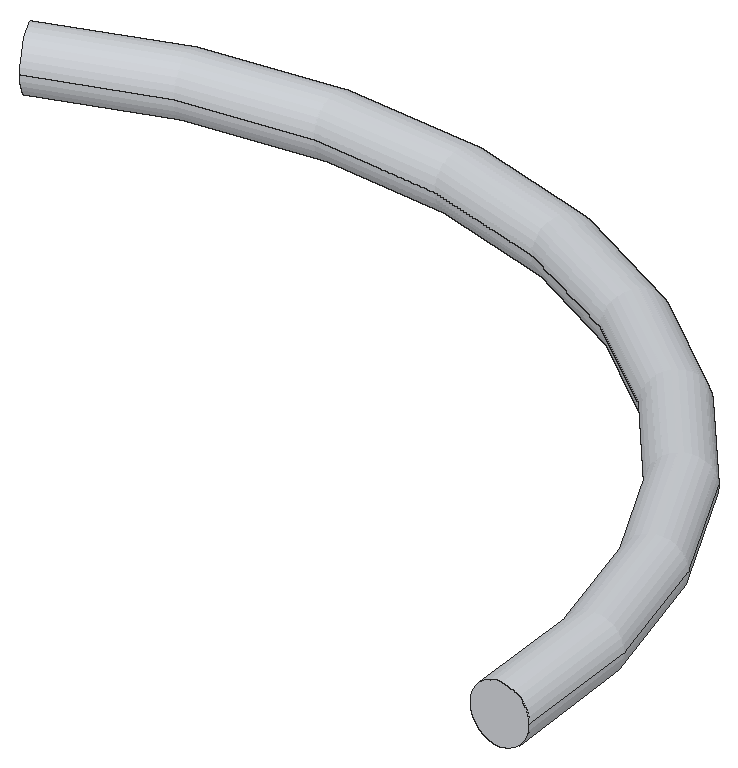
Revit family "DuctFitting_Round_Elbow", category ダクト継手, Revit 2023
Family settings
  丸型コネクタ寸法 = 直径を使用
  パーツ タイプ = エルボ
  作業面ベース = いいえ
  常に垂直 = はい
  ロード時にボイドで切り取り = いいえ
  共有 = いいえ
Parameters
  円脈長さ [instance] = (pi() * (Radius) * (Angle)) / 180.00°  # 2269.852 mm
  Radius [instance] = 1120 mm
  Diameter [instance] = 100 mm
  既定の高さ = 0 mm
  Angle [instance] = 116.119°
Reference planes
  plane 1 "Center (Front/Back)": y = 0
  plane 2: z = 0
  plane 3 "Center (Left/Right)": x = 0
Forms (mm)
  Sweep 1, solid
    path origin (0, 0, 0) x (1, 0, 0) y (0, 1, 0)
      loop
        arc (1120, 0) -> (592.526, 950.428) -> (-493.06, 1005.63) r 1120
    profile origin (592.526, 950.428, 0) x (-0.529041, -0.848596, 0) y (0, 0, 1)
      loop
        circle (0, 0) r 50
Dimensions and locks
  "Radius": radius of Sweep 1 sketch curve
  "Diameter": diameter of Sweep 1 sketch curve
  "Angle": angle Sweep 1 sketch curve to Sweep 1 sketch curve
  aligned and locked: level to plane 2
  aligned and locked: plane 1 "Center (Front/Back)" to Sweep 1 sketch curve
Automatic sketch dimensions
  Sweep 1 sketch curve to plane 3 "Center (Left/Right)" = 0 mm
  level to Sweep 1 sketch curve = 0 mm
  Sweep 1 sketch curve to profile plane = 0 mm
Connectors
  hvac at (-493.06, 1005.63, 0), driven by "Diameter"
    settings: on Sweep 1, index 1, duct flow 0.0 L/s, flow factor 0, pres drop 0.0 Pa, loss coef 0, conn angle 0.00°, conn width 304.8 mm, conn height 304.8 mm, conn diameter 100 mm, duct sys type 1, conn prof type 0, flow config 0, flow direction 0, loss method 0, conn ref index -1, conn util no, is conn primary yes, conn desc ""
  hvac at (1120, 0, 0), driven by "Diameter"
    settings: on Sweep 1, index 2, duct flow 0.0 L/s, flow factor 0, pres drop 0.0 Pa, loss coef 0, conn angle 0.00°, conn width 304.8 mm, conn height 304.8 mm, conn diameter 100 mm, duct sys type 1, conn prof type 0, flow config 0, flow direction 0, loss method 0, conn ref index -1, conn util no, is conn primary no, conn desc ""
